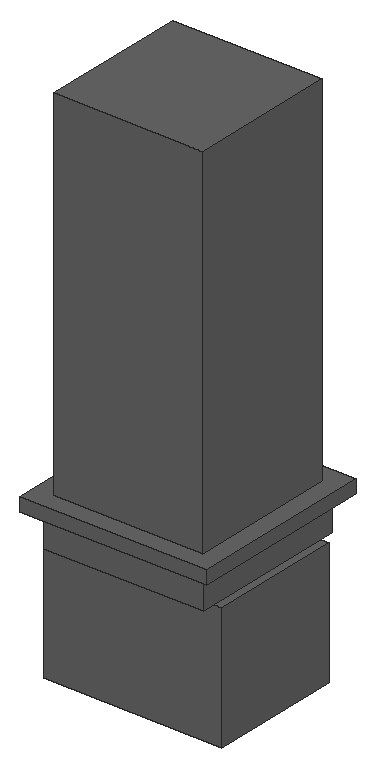
Revit family "LTC-4SQD", category Lighting Fixtures, host Face, Revit 2021
Family settings
  Host = Face
  Round Connector Dimension = Use Diameter
  Part Type = Normal
  OmniClass Number = 23.80.70.11.14.11
  OmniClass Title = Downlights
  Cut with Voids When Loaded = No
  Light Source = Yes
  Shared = Yes
  Room Calculation Point = No
Parameters (values of type "LTC-4SQD-S")
  Width = 5 37/64"
  Wattage Comments = "8-25"  # constant formula
  Wattage = 25 W
  built-in parameter 1150110 = 1 (stored number, unit not read)
  Voltage = if(Is 120V, 120 V, 277 V)  # 120 V
  URL = "www.currentlighting.com/prescolite"
  built-in parameter 1114217 = 1 (stored number, unit not read)
  Tilt Angle = -90.00°
  built-in parameter 1150109 = 1 (stored number, unit not read)
  built-in parameter 1150134 = (empty or 0)
  built-in parameter 1150113 = 1 (stored number, unit not read)
  Reflector Finish = Paint -  Carbon Black
  Product Page URL = ""
  Product Material = Paint -  Carbon Black
  Product Documentation Link = ""
  Photometric Web File = "LTC-4SQDPH-P-20L35K8MD-PM-S-BL.ies"
  Photometric Notes = "More IES files download on Photometric Web Link"  # constant formula
  Model = "LTC-4SQD"  # constant formula
  Manufacturer = "Prescolite"  # constant formula
  built-in parameter 1150105 = -6252400 (stored number, unit not read)
  Lumens = 2200 lm
  built-in parameter 1150115 = 1 (stored number, unit not read)
  Load Classification = Lighting
  built-in parameter 1150137 = (empty or 0)
  built-in parameter 1150139 = (empty or 0)
  built-in parameter 1150112 = 1 (stored number, unit not read)
  built-in parameter 1150114 = 1 (stored number, unit not read)
  Lamp = " LED's"  # constant formula
  Is 277V = not(Is 120V)  # no
  Is 120V = yes
  built-in parameter 1150132 = (empty or 0)
  built-in parameter 1150102 = (empty or 0)
  built-in parameter 1150107 = 3000 (stored number, unit not read)
  built-in parameter 1150138 = (empty or 0)
  built-in parameter 1150106 = -62524 (stored number, unit not read)
  Height = 14"
  Glass = White Glass
  Frequency = 60 Hz  # constant formula
  Emit from Rectangle Width = Width  # 5 37/64"
  Emit from Rectangle Length = Width  # 5 37/64"
  Emit Shape Visible in Rendering = yes
  built-in parameter 1150104 = 8.1755 (stored number, unit not read)
  Dimming Lamp Color Temperature Shift = <None>
  Description = "LITEISTRY™ 4inch Square Cylinder Downlight"  # constant formula
  Default Elevation = 48"
  Contact Us = ""
  Connector Description = "Lighting Connector"  # constant formula
  Color Filter = 16777215
  Ceiling Thickness [instance] = 1 1/4"
  Cutout Radius = 3 1/8"
  Ceiling Cutout = Cutout Radius * 2  # 6 1/4"
  built-in parameter 1114218 = 1 (stored number, unit not read)
  built-in parameter 1150133 = 10 (stored number, unit not read)
  Apparent Load = 52 VA
Reference planes (in)
  plane 1 "Center (Front/Back)": y = 0
  plane 2: z = 0
  plane 3 "Center (Left/Right)": x = 0
  plane 4: x = 3
  plane 5: x = -3
  plane 6: y = 3
  plane 7: y = -3
  plane 8: x = 2.78906
  plane 9: x = -2.78906
  plane 10: y = 2.78906
  plane 11: y = -2.78906
  plane 12: z = 14
  plane 13: z = -6
Forms (in)
  Extrusion 1, void
    sketch origin (0, 0, 0) x (1, 0, 0) y (0, 1, 0)
      loop
        circle (0, 0) r 3.125
    from -1.25 to 0
  Extrusion 2, solid, material "Paint -  Carbon Black" <- "Product Material"
    sketch origin (0, 0, 0) x (1, 0, 0) y (0, 1, 0)
      loop
        line (-3.41406, 2.5) -> (-3.41406, -2.5) -> (3.28906, -2.5) -> (3.28906, 2.5) -> (-3.41406, 2.5)
    from -6 to -1.27765
  Extrusion 3, solid, material "Paint -  Carbon Black" <- "Product Material"
    sketch origin (0, 0, 0) x (1, 0, 0) y (0, 1, 0)
      loop
        line (-2.78906, 2.78906) -> (-2.78906, -2.78906) -> (2.78906, -2.78906) -> (2.78906, 2.78906) -> (-2.78906, 2.78906)
    from 0 to 14
  Extrusion 4, solid, material "Paint -  Carbon Black" <- "Product Material"
    sketch origin (0, 0, 0) x (1, 0, 0) y (0, 1, 0)
      loop
        line (-3, 3) -> (-3, -3) -> (3, -3) -> (3, 3) -> (-3, 3)
    from -1.27765 to 0
  Extrusion 5, solid, material "Paint -  Carbon Black" <- "Product Material"
    sketch origin (0, 0, 0) x (1, 0, 0) y (0, 1, 0)
      loop
        line (-3.5, 3.5) -> (-3.5, -3.5) -> (3.5, -3.5) -> (3.5, 3.5) -> (-3.5, 3.5)
    from 0 to 0.5
Dimensions and locks (in)
  "Height": plane 12 to plane 2
  equal spacing: plane 9, plane 3 "Center (Left/Right)", plane 8
  equal spacing: plane 11, plane 1 "Center (Front/Back)", plane 10
  "Width": plane 11 to plane 10
  "Width": plane 9 to plane 8
  "Cutout Radius": radius of Extrusion 1 sketch curve
  aligned and locked: plane 2 to host face
  aligned and locked: level to host face
  aligned and locked: level to Extrusion 1
  aligned and locked: plane 1 "Center (Front/Back)" to Extrusion 1 sketch curve
  aligned and locked: plane 3 "Center (Left/Right)" to Extrusion 1 sketch curve
  aligned and locked: plane 3 "Center (Left/Right)" to imposter light
  aligned and locked: Extrusion 3 to plane 12
  aligned and locked: imposter light to plane 12
Automatic sketch dimensions
  host sketch curve to host sketch curve = 96"  (x2)
  Extrusion 3 sketch curve to plane 9 = 0"
  Extrusion 3 sketch curve to plane 8 = 0"
  plane 11 to Extrusion 3 sketch curve = 0"
  plane 10 to Extrusion 3 sketch curve = 0"
  Extrusion 2 sketch curve to plane 7 = 1/2"
  plane 6 to Extrusion 2 sketch curve = 1/2"
  plane 8 to Extrusion 2 sketch curve = 1/2"
  Extrusion 2 sketch curve to plane 9 = 5/8"
  Extrusion 4 sketch curve to plane 5 = 0"
  Extrusion 4 sketch curve to plane 4 = 0"
  plane 7 to Extrusion 4 sketch curve = 0"
  plane 6 to Extrusion 4 sketch curve = 0"
  Extrusion 5 sketch curve to plane 5 = 1/2"
  plane 4 to Extrusion 5 sketch curve = 1/2"
  plane 7 to Extrusion 5 sketch curve = 1/2"
  Extrusion 5 sketch curve to plane 6 = 1/2"
Connectors (in)
  electrical at (0, 0, 0), driven by "Connector Description", driven by "Voltage", driven by "Apparent Load", driven by "Load Classification"
    settings: on host face, index 1, voltage 120 V, apparent load 52 VA, apparent load phase1 0 VA, apparent load phase2 0 VA, apparent load phase3 0 VA, power factor 0.9, load classification "Lighting", number of poles 1, system type 30, power factor state 1, is connector primary yes, connector utility no, sub classification motor no, connector description "Lighting Connector"
